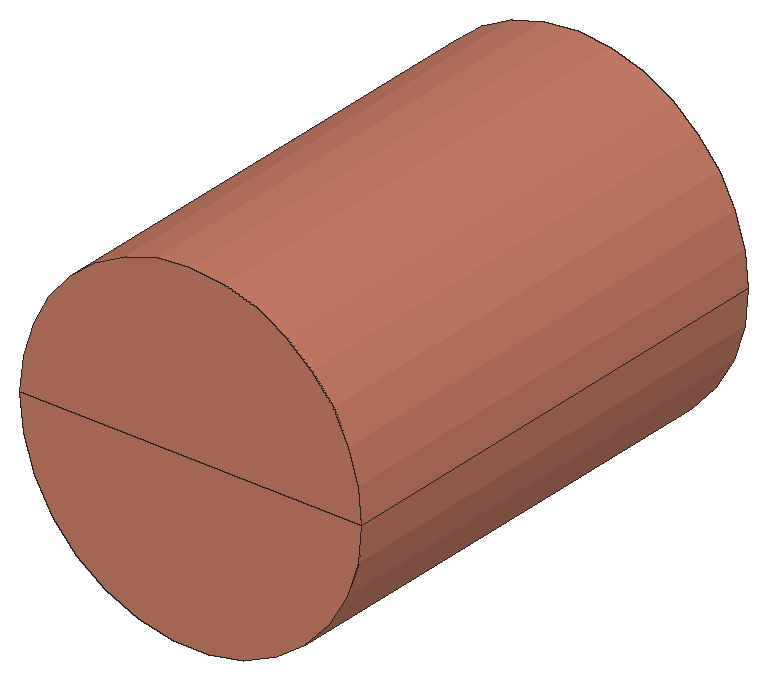
Revit family "Fittings_SlipCoupler_Ardent_REECE", category Pipe Fittings, Revit 2019
Family settings
  Round Connector Dimension = Use Diameter
  Part Type = Union
  OmniClass Number = 23.60.30.11.14
  OmniClass Title = Pipework Fittings
  Work Plane-Based = No
  Always vertical = Yes
  Cut with Voids When Loaded = No
  Shared = No
Parameters (values of type "Standard")
  ØD [instance] = size_lookup(Lookup Table Name, "ØA", NominalDiameter * 0.98, NominalDiameter)  # 19.07 mm
  built-in parameter 1114242 [instance] = (empty or 0)
  URL = "http://www.reece.com.au/"
  Type Comments = "Manufactured to comply and marked in accordance with Australian Standards AS1432 and AS3688"  # constant formula
  T [instance] = size_lookup(Lookup Table Name, "T", 1 mm, NominalDiameter)  # 0.91 mm
  NominalDiameter [instance] = 20 mm
  ModifiedIssue_ANZRS = 20151010.54  # constant formula
  Model = "SlipCoupler"  # constant formula
  Material = Reece_Copper
  Manufacturer = "Reece"  # constant formula
  Lookup Table Name = "Fittings_SlipCoupler_Ardent_REECE"
  L [instance] = size_lookup(Lookup Table Name, "L", NominalDiameter * 1.425, NominalDiameter)  # 29.5 mm
  built-in parameter 1114238 [instance] = not(0 mm < size_lookup(Lookup Table Name, "L", 0 mm, NominalDiameter))  # (empty or 0)
  FittingType = "SlipCoupler"  # constant formula
  Description = "TBC"  # constant formula
  CustomFitting [instance] = not(0 mm < size_lookup(Lookup Table Name, "L", 0 mm, NominalDiameter))  # no
  CreatedByURL_ANZRS = "http://www.thinkbimmepaus.com.au/"
  CreatedBy = "A2K Technologies"  # constant formula
Reference planes
  plane 1 "Center (Front/Back)": y = 0
  plane 2: z = 0
  plane 3 "Center (Left/Right)": x = 0
  plane 4: x = 9.535
  plane 5: x = 10.445
  plane 6: y = 29.5
  plane 7: x = -9.535
Forms (mm)
  Revolve 1, solid, material "Reece_Copper" <- "Material", detail levels fine
    sketch origin (0, 0, 0) x (1, 0, 0) y (0, 1, 0)
      loop
        line (0, 0) -> (10.445, 0) -> (10.445, 29.5) -> (0, 29.5) -> (0, 0)
      axis (0, 29.5) -> (0, 0)
    angle from 0 to 360
Lines and regions (mm)
  model lines, detail levels coarse+medium
    curve 1: line (-9.535, 29.5, 0) -> (9.535, 29.5, 0)
    curve 2: line (-9.535, 0, 0) -> (9.535, 0, 0)
    curve 3: line (0, 29.5, 0) -> (0, 0, 0)
Dimensions and locks
  "T": plane 4 to plane 5
  "L": plane 1 "Center (Front/Back)" to plane 6
  equal spacing: plane 7, plane 3 "Center (Left/Right)", plane 4
  "ØD": plane 7 to plane 4
  aligned and locked: level to plane 2
  aligned and locked: Revolve 1 sketch curve to plane 3 "Center (Left/Right)"  (x2)
  aligned and locked: plane 1 "Center (Front/Back)" to Revolve 1 sketch curve
  aligned and locked: plane 5 to Revolve 1 sketch curve
  aligned and locked: plane 6 to Revolve 1 sketch curve
  aligned and locked: curve 1 to plane 6
  aligned and locked: plane 4 to curve 1
  aligned and locked: plane 7 to curve 1
  aligned and locked: plane 6 to curve 3
  aligned and locked: plane 1 "Center (Front/Back)" to curve 3
  aligned and locked: curve 3 to plane 3 "Center (Left/Right)"
  aligned and locked: plane 4 to curve 2
  aligned and locked: plane 7 to curve 2
  aligned and locked: plane 1 "Center (Front/Back)" to curve 2
Automatic sketch dimensions
  plane 1 "Center (Front/Back)" to Revolve 1 sketch curve = 2000 mm
  Revolve 1 sketch curve to Revolve 1 sketch curve = 1831.989 mm
Connectors
  piping at (0, 0, 0), diameter 20, driven by "NominalDiameter"
    settings: on Revolve 1, index 1, connector inside diameter 609.6 mm, connector length 0 mm, flow factor 0, pipe flow 0.0 L/s, pressure drop 0.0 Pa, fitting loss kfactor 0, connector angle 0.00°, fixture units 0, engagement length 0 mm, angle of deflection 0.00°, flow configuration 0, flow direction 0, fitting loss method 0, system type 28, joint type 0, gender type 0, connector reference index -1, connector utility 0, adjustable connector no, is connector primary yes, connector description ""
  piping at (0, 29.5, 0), diameter 20, driven by "NominalDiameter"
    settings: on Revolve 1, index 2, connector inside diameter 609.6 mm, connector length 0 mm, flow factor 0, pipe flow 0.0 L/s, pressure drop 0.0 Pa, fitting loss kfactor 0, connector angle 0.00°, fixture units 0, engagement length 0 mm, angle of deflection 0.00°, flow configuration 0, flow direction 0, fitting loss method 0, system type 28, joint type 0, gender type 0, connector reference index -1, connector utility 0, adjustable connector no, is connector primary no, connector description ""
